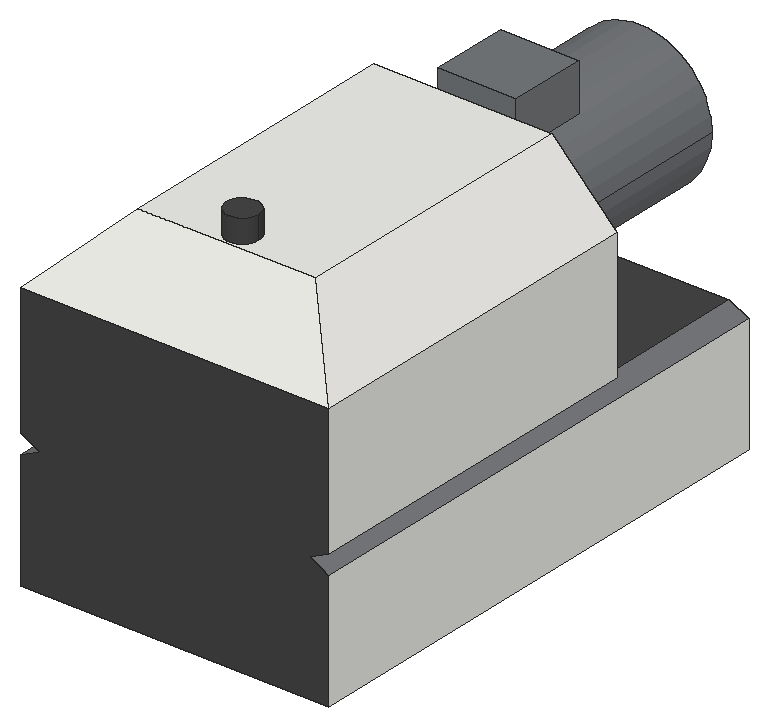
Revit family "SIRELLA SLR", category Equipement de génie climatique, Revit 2018
Family settings
  Cote de connecteur circulaire = Utiliser le diamètre
  Classification = Aucun
  Type d'élément = Normal
  Basée sur le plan de construction = Non
  Toujours verticalement = Oui
  Couper avec des vides une fois chargée = Non
  Partagée = Non
  Point de calcul de pièce = Non
Parameters (values of type "SL300.R")
  ZONE_MAINTENANCE [instance] = no
  TENSION_ALIM = 400 V
  SORTIE_CABLE_ELECT = -59.95 mm
  PUISS_ELECT = 5.5 kW
  POIDS(Kg) = 300 mm
  POIDS = 300 mm
  OFFSET_MAINTENANCE = 200 mm
  NIVEAU_SONORE = 70
  NEUTRE = no
  NBR_POLES = 3
  Model = ""
  Lien espace client = ""
  LONGUEUR = 890.2 mm
  LARGEUR = 472.4 mm
  HAUT_RAINURE = 30 mm
  LONG_OFFSET_FIX = 67.2 mm
  HAUT_OFFSET_REFOUL = 64 mm
  LONG_OFFSET_BOITE = 191.5 mm
  RAY_MOT = DIAM_MOT / 2  # 110 mm
  HAUT_MAINTENANCE = 300 mm
  HAUT_BOITE = 165.8 mm
  HAUTEUR = 568.1 mm
  LONG_OFFSET_BRIDE_ASPI = 130.1 mm
  LARG_OFFSET_REFOUL = 417.8 mm
  HAUT_OFFSET_CABLE_ELECT = 35.8 mm
  LONG_OFFSET_CABLE_ELECT = 79.9 mm
  LONG_REFOUL = 26.2 mm
  RAY_CABLE_ELECT = 5 mm
  PUISSANCE_APPARENTE = PUISS_ELECT / (COS_PHI * 1)  # 6111.11 VA
  LONG_MOT = 339 mm
  LONG_ENTRAXE_FIX = 670 mm
  LARG_OFFSET_FIX = 86.2 mm
  LARG_CHANFREIN = 100 mm
  LONG_CORPS = 802.4 mm
  LARG_ENTRAXE_FIX = 300 mm
  LARG_BOITE = 119.9 mm
  HAUT_FIX = 24.4 mm
  HAUT_SILENCIEUX = 194.7 mm
  HAUT_BRIDE = 35.1 mm
  RAY_FIX = 25 mm
  RAY_BRIDE = 25 mm
  Manufacturer = ""
  Description = ""
  DIAM_REFOUL_VIDE = 2 * RAY_BRIDE  # 50 mm
  DIAM_MOT = 220 mm
  LONG_BOITE = 119.9 mm
  DIAM_ASPI_VIDE = 2 * RAY_BRIDE  # 50 mm
  DESCR_REFOUL = "Refoulement vide ; 260 m3/h ; G 2\" FEM"
  DESCR_ASPI = "Aspiration vide ; 260 m3/h ; G 2\" FEM"
  DESCR_ALIM_X = "Puissance electrique, 4G2.5mm²"
  DEBIT_REFOUL_VIDE = 300.0 m³/h
  DEBIT_ASPI_VIDE = 300.0 m³/h
  Assembly Code = ""
  COS_PHI = 0.9
  BRANCHEMENT_TERRE = yes
  ANGLE_CHANFREIN = 45.00°
Types (4, lengths in mm): name | SORTIE_CABLE_ELECT | PUISS_ELECT | POIDS(Kg) | POIDS | NIVEAU_SONORE | Model | Lien espace client | LONGUEUR | LARGEUR | HAUT_RAINURE | LONG_OFFSET_FIX | HAUT_OFFSET_REFOUL | LONG_OFFSET_BOITE | RAY_MOT | HAUT_BOITE | HAUTEUR | LONG_OFFSET_BRIDE_ASPI | LARG_OFFSET_REFOUL | HAUT_OFFSET_CABLE_ELECT | LONG_OFFSET_CABLE_ELECT | LONG_REFOUL | RAY_CABLE_ELECT | PUISSANCE_APPARENTE | LONG_MOT | LONG_ENTRAXE_FIX | LARG_OFFSET_FIX | LARG_CHANFREIN | LONG_CORPS | LARG_BOITE | HAUT_FIX | HAUT_SILENCIEUX | HAUT_BRIDE | RAY_BRIDE | Manufacturer | Description | DIAM_REFOUL_VIDE | DIAM_MOT | LONG_BOITE | DIAM_ASPI_VIDE | DESCR_REFOUL | DESCR_ASPI | DEBIT_REFOUL_VIDE | DEBIT_ASPI_VIDE | Assembly Code
  (no name) | -59.95 | 5.5 kW | 300 | 300 | 70 | "" | "" | 890.2 | 472.4 | 30 | 67.2 | 64 | 191.5 | 110 | 165.8 | 568.1 | 130.1 | 417.8 | 35.8 | 79.9 | 26.2 | 5 | 6111.11 VA | 339 | 670 | 86.2 | 100 | 802.4 | 119.9 | 24.4 | 194.7 | 35.1 | 25 | "" | "" | 50 | 220 | 119.9 | 50 | "Refoulement vide ; 260 m3/h ; G 2\" FEM" | "Aspiration vide ; 260 m3/h ; G 2\" FEM" | 300.0 m³/h | 300.0 m³/h | ""
  SL300.R | -59.95 | 5.5 kW | 300 | 300 | 70 | "" | "" | 890.2 | 472.4 | 30 | 67.2 | 64 | 191.5 | 110 | 165.8 | 568.1 | 130.1 | 417.8 | 35.8 | 79.9 | 26.2 | 5 | 6111.11 VA | 339 | 670 | 86.2 | 100 | 802.4 | 119.9 | 24.4 | 194.7 | 35.1 | 25 | "" | "" | 50 | 220 | 119.9 | 50 | "Refoulement vide ; 260 m3/h ; G 2\" FEM" | "Aspiration vide ; 260 m3/h ; G 2\" FEM" | 300.0 m³/h | 300.0 m³/h | ""
  SL150.R | -74.265 | 3 kW | 180 | 180 | 69 | "" | "" | 774 | 430 | 20 | 65 | 49 | 177.8 | 95.25 | 142 | 505 | 133.5 | 370 | 32 | 58.9 | 13.7 | 1.25 | 3333.33 VA | 291 | 600 | 65 | 80 | 730 | 104.4 | 15.2 | 168.3 | 37.6 | 20 | "" | "" | 40 | 190.5 | 87 | 40 | "Refoulement vide ; 140 m3/h ; G 1_1/2\" FEM" | "Aspiration vide ; 140 m3/h ; G 1_1/2\" FEM" | 150.0 m³/h | 150.0 m³/h | ""
  SL100.R | -74.265 | 2.2 kW | 170 | 170 | 69 | "SIRELLA SL100.R" | "https://www.mils.fr/en/customers-area/" | 780 | 430 | 20 | 65 | 49 | 164.8 | 86 | 136.9 | 504.6 | 134 | 370 | 33.7 | 58.9 | 13.7 | 5 | 2444.44 VA | 297 | 600 | 65 | 80 | 730 | 103 | 15.2 | 168.3 | 36.6 | 20 | "MIL'S" | "VACUUM PUMP 100m3/h" | 40 | 172 | 87 | 40 | "Refoulement vide ; 90 m3/h ; G 1_1/2\" FEM" | "Aspiration vide ; 90 m3/h ; G 1_1/2\" FEM" | 150.0 m³/h | 150.0 m³/h | "824410"
Reference planes
  plane 1 "Centre (avant/arrière)": y = 0
  plane 2: z = 0
  plane 3 "Centre (gauche/droite)": x = 0
  plane 4 "CORPS_AV": y = -802.4
  plane 5 "CORPS_HAUT": z = 508.6
  plane 6 "MOT_AV": y = -251.2
  plane 7 "HAUT_CAISSON": z = 194.7
  plane 8 "CORPS_GAUCHE": x = -236.2
  plane 9 "CORPS_DROITE": x = 236.2
  plane 10 "HAUT_CHANF": z = 408.6
  plane 11 "CHANF_AV": y = -702.4
  plane 12 "FIX_BAS": z = -24.4
  plane 13 "CHANF_GAUCHE": x = -136.2
  plane 14 "CHANF_DROITE": x = 136.2
  plane 15: z = 408.6
  plane 16 "HAUT_MOT": z = 351.65
  plane 17 "FIX_DROITE": x = 150
  plane 18 "FIX_GAUCHE": x = -150
  plane 19 "FIX_AV": y = -737.2
  plane 20 "POS_FIX_AR": y = -67.2
  plane 21 "POS_BOSS_1": y = -672.3
  plane 22 "HAUT_BOSS_1": z = 543.7
  plane 23 "POS_BOSS_2": z = 39.6
  plane 24 "BOSS_GAUCHE": x = -181.6
  plane 25 "LONG_REFOUL": y = -26.2
  plane 26 "BOIT_AR": y = -103.7
  plane 27 "BOIT_AV": y = -223.6
  plane 28 "BOIT_DROITE": x = 59.95
  plane 29 "BOIT_GAUCHE": x = -59.95
  plane 30 "ELECT_AV": y = -183.6
  plane 31 "ELECT_HAUT": z = 472.8
  plane 32 "MOT_AR": y = 87.8
  plane 33 "BOIT_HAUT": z = 517.45
  plane 34 "MAINT_AV": y = -1002.4
  plane 35 "MAINT_AR": y = 287.8
  plane 36 "MAINT_HAUT": z = 843.7
  plane 37: x = -436.2
  plane 38: x = 436.2
Forms (mm)
  Extrusion 1, solid, detail levels fine
    sketch origin (0, 0, 0) x (0, 1, 0) y (0, 0, 1)
      loop
        line (-802.4, 408.6) -> (-802.4, 0) -> (0, 0) -> (0, 194.7) -> (-251.2, 194.7) -> (-251.2, 508.6) -> (-702.4, 508.6) -> (-802.4, 408.6)
    from -236.2 to 236.2
  Extrusion 2, void
    sketch origin (0, 0, 0) x (1, 0, 0) y (0, 0, 1)
      loop
        line (136.2, 508.6) -> (236.2, 408.6) -> (236.2, 508.6) -> (136.2, 508.6)
      loop
        line (-136.2, 508.6) -> (-236.2, 508.6) -> (-236.2, 408.6) -> (-136.2, 508.6)
    from 251.2 to 802.4
  Extrusion 3, solid, detail levels fine
    sketch origin (0, 0, 0) x (1, 0, 0) y (0, 0, 1)
      loop
        circle (0, 351.65) r 110
    from -87.8 to 251.2
  Extrusion 4, void
    sketch origin (0, 0, 0) x (1, 0, 0) y (0, 0, 1)
      loop
        line (236.2, 209.7) -> (206.2, 194.7) -> (236.2, 179.7) -> (236.2, 209.7)
      loop
        line (-236.2, 209.7) -> (-236.2, 179.7) -> (-206.2, 194.7) -> (-236.2, 209.7)
    from 0 to 802.4
  Extrusion 5, solid, detail levels fine
    sketch origin (0, 0, 0) x (1, 0, 0) y (0, 1, 0)
      loop
        circle (-150, -67.2) r 25
      loop
        circle (150, -67.2) r 25
      loop
        circle (150, -737.2) r 25
      loop
        circle (-150, -737.2) r 25
    from 0 to -24.4
  Extrusion 6, solid
    sketch origin (0, 0, 0) x (1, 0, 0) y (0, 1, 0)
      loop
        circle (0, -672.3) r 25
    from 508.6 to 543.7
  Extrusion 7, void
    sketch origin (0, 0, 0) x (1, 0, 0) y (0, 0, 1)
      loop
        circle (-181.6, 39.6) r 25
    from -87.8 to 26.2
  Extrusion 8, solid, detail levels fine
    sketch origin (0, 0, 0) x (1, 0, 0) y (0, 1, 0)
      loop
        line (-59.95, -103.7) -> (-59.95, -223.6) -> (59.95, -223.6) -> (59.95, -103.7) -> (-59.95, -103.7)
    from 351.65 to 517.45
  Extrusion 9, void
    sketch origin (0, 0, 0) x (0, 1, 0) y (0, 0, 1)
      loop
        circle (-183.6, 472.8) r 5
    from 0 to -59.95 <- "SORTIE_CABLE_ELECT"
  Extrusion 10, solid, visible <- "ZONE_MAINTENANCE"
    sketch origin (0, 0, 0) x (0, 1, 0) y (0, 0, 1)
      loop
        line (-1002.4, 843.7) -> (-1002.4, -24.4) -> (287.8, -24.4) -> (287.8, 843.7) -> (-1002.4, 843.7)
    from -436.2 to 436.2
  Extrusion 11, solid, detail levels coarse+medium
    sketch origin (0, 0, 0) x (0, 1, 0) y (0, 0, 1)
      loop
        line (-802.4, -24.4) -> (87.8, -24.4) -> (87.8, 508.6) -> (-802.4, 508.6) -> (-802.4, -24.4)
    from -236.2 to 236.2
  Extrusion 12, void
    sketch origin (0, 0, 0) x (1, 0, 0) y (0, 0, 1)
      loop
        circle (-181.6, 39.6) r 25
    from -87.8 to 26.2
Cuts and joins
  Extrusion 2, Extrusion 4, Extrusion 7, Extrusion 12 cuts Extrusion 1
  Extrusion 9 cuts Extrusion 8
  joined: Extrusion 3, Extrusion 8
  Extrusion 12 cuts Extrusion 10
  Extrusion 12 cuts Extrusion 11
Lines and regions (mm)
  Split face 1
    outline origin (236.2, -802.4, 0) x (0, 1, 0) y (0, 0, 1)
      loop
        line (0, 212.2) -> (551.2, 212.2)
  Split face 2
    outline origin (236.2, -802.4, 408.6) x (-1, 0, 0) y (0, 0, -1)
      loop
        line (442.4, 213.9) -> (30, 213.9)
  Split face 3
    outline origin (-236.2, -802.4, 0) x (0, -1, 0) y (0, 0, 1)
      loop
        line (-551.2, 212.2) -> (0, 212.2)
Dimensions and locks
  "HAUTEUR": plane 22 "HAUT_BOSS_1" to plane 12 "FIX_BAS"
  "LONGUEUR": plane 4 "CORPS_AV" to plane 32 "MOT_AR"
  "HAUT_SILENCIEUX": plane 7 "HAUT_CAISSON" to level
  equal spacing: plane 9 "CORPS_DROITE", plane 3 "Centre (gauche/droite)", plane 8 "CORPS_GAUCHE"
  "LARGEUR": plane 9 "CORPS_DROITE" to plane 8 "CORPS_GAUCHE"
  "LARG_CHANFREIN": plane 5 "CORPS_HAUT" to plane 10 "HAUT_CHANF"
  "LARG_CHANFREIN": plane 4 "CORPS_AV" to plane 11 "CHANF_AV"
  equal spacing: plane 14 "CHANF_DROITE", plane 3 "Centre (gauche/droite)", plane 13 "CHANF_GAUCHE"
  "LARG_CHANFREIN": plane 9 "CORPS_DROITE" to plane 14 "CHANF_DROITE"
  "LARG_CHANFREIN": plane 5 "CORPS_HAUT" to plane 15
  equal spacing: plane 7 "HAUT_CAISSON", plane 16 "HAUT_MOT", plane 5 "CORPS_HAUT"
  equal spacing: Extrusion 4 sketch curve, plane 7 "HAUT_CAISSON", Extrusion 4 sketch curve  (x2)
  "HAUT_RAINURE": Extrusion 4 sketch curve to Extrusion 4 sketch curve  (x2)
  "HAUT_RAINURE": plane 9 "CORPS_DROITE" to Extrusion 4 sketch curve
  "HAUT_RAINURE": cut or joined group of Extrusion 1, Extrusion 2, Extrusion 4, Extrusion 7, Extrusion 12 to Extrusion 4 sketch curve
  "LONG_OFFSET_FIX": plane 1 "Centre (avant/arrière)" to plane 20 "POS_FIX_AR"
  "LARG_OFFSET_FIX": plane 17 "FIX_DROITE" to plane 9 "CORPS_DROITE"
  "HAUT_FIX": level to plane 12 "FIX_BAS"
  "HAUT_BRIDE": plane 22 "HAUT_BOSS_1" to plane 5 "CORPS_HAUT"
  "LARG_OFFSET_REFOUL": plane 24 "BOSS_GAUCHE" to plane 9 "CORPS_DROITE"
  "HAUT_OFFSET_REFOUL": plane 12 "FIX_BAS" to plane 23 "POS_BOSS_2"
  "LONG_REFOUL": plane 25 "LONG_REFOUL" to plane 1 "Centre (avant/arrière)"
  equal spacing: plane 29 "BOIT_GAUCHE", plane 3 "Centre (gauche/droite)", plane 28 "BOIT_DROITE"
  "LONG_BOITE": plane 26 "BOIT_AR" to plane 27 "BOIT_AV"
  "LONG_OFFSET_BOITE": plane 26 "BOIT_AR" to plane 32 "MOT_AR"
  "LONG_OFFSET_CABLE_ELECT": plane 26 "BOIT_AR" to plane 30 "ELECT_AV"
  "HAUT_OFFSET_CABLE_ELECT": plane 5 "CORPS_HAUT" to plane 31 "ELECT_HAUT"
  "LONG_OFFSET_BRIDE_ASPI": plane 4 "CORPS_AV" to plane 21 "POS_BOSS_1"
  "LONG_MOT": plane 6 "MOT_AV" to plane 32 "MOT_AR"
  plane 26 "BOIT_AR" to plane 27 "BOIT_AV" = 119.9 mm
  "LARG_BOITE": plane 29 "BOIT_GAUCHE" to plane 28 "BOIT_DROITE"
  "LONG_ENTRAXE_FIX": plane 20 "POS_FIX_AR" to plane 19 "FIX_AV"
  "LARG_ENTRAXE_FIX": plane 18 "FIX_GAUCHE" to plane 17 "FIX_DROITE"
  "HAUT_BOITE": plane 33 "BOIT_HAUT" to plane 16 "HAUT_MOT"
  "OFFSET_MAINTENANCE": plane 37 to plane 8 "CORPS_GAUCHE"
  "OFFSET_MAINTENANCE": plane 9 "CORPS_DROITE" to plane 38
  "OFFSET_MAINTENANCE": plane 32 "MOT_AR" to plane 35 "MAINT_AR"
  "OFFSET_MAINTENANCE": plane 34 "MAINT_AV" to plane 4 "CORPS_AV"
  "HAUT_MAINTENANCE": plane 36 "MAINT_HAUT" to plane 22 "HAUT_BOSS_1"
  "LONG_CORPS": plane 4 "CORPS_AV" to plane 1 "Centre (avant/arrière)"
  "RAY_MOT": radius of Extrusion 3 sketch curve
  "RAY_FIX": radius of Extrusion 5 sketch curve  (x4)
  "RAY_BRIDE": radius of Extrusion 6 sketch curve
  "RAY_BRIDE": radius of Extrusion 7 sketch curve
  "RAY_CABLE_ELECT": radius of Extrusion 9 sketch curve
  "RAY_BRIDE": radius of Extrusion 12 sketch curve
  aligned and locked: level to plane 2
  aligned and locked: plane 4 "CORPS_AV" to Extrusion 1
  aligned and locked: Extrusion 1 to level
  aligned and locked: Extrusion 1 to plane 1 "Centre (avant/arrière)"
  aligned and locked: plane 7 "HAUT_CAISSON" to Extrusion 1
  aligned and locked: plane 6 "MOT_AV" to Extrusion 1
  aligned and locked: plane 9 "CORPS_DROITE" to Extrusion 1
  aligned and locked: Extrusion 1 to plane 8 "CORPS_GAUCHE"
  aligned and locked: plane 4 "CORPS_AV" to Extrusion 1 sketch curve
  aligned and locked: plane 5 "CORPS_HAUT" to Extrusion 1 sketch curve
  aligned and locked: plane 4 "CORPS_AV" to Extrusion 2
  aligned and locked: plane 6 "MOT_AV" to Extrusion 2
  aligned and locked: plane 16 "HAUT_MOT" to Extrusion 3 sketch curve
  aligned and locked: plane 3 "Centre (gauche/droite)" to Extrusion 3 sketch curve
  aligned and locked: Extrusion 3 to plane 6 "MOT_AV"
  aligned and locked: plane 8 "CORPS_GAUCHE" to Extrusion 4 sketch curve
  aligned and locked: plane 9 "CORPS_DROITE" to Extrusion 4 sketch curve
  aligned and locked: plane 4 "CORPS_AV" to Extrusion 4
  aligned and locked: Extrusion 4 to plane 1 "Centre (avant/arrière)"
  aligned and locked: plane 20 "POS_FIX_AR" to Extrusion 5 sketch curve  (x2)
  aligned and locked: plane 18 "FIX_GAUCHE" to Extrusion 5 sketch curve  (x2)
  aligned and locked: plane 17 "FIX_DROITE" to Extrusion 5 sketch curve  (x2)
  aligned and locked: plane 19 "FIX_AV" to Extrusion 5 sketch curve  (x2)
  aligned and locked: level to Extrusion 5
  aligned and locked: Extrusion 5 to plane 12 "FIX_BAS"
  aligned and locked: plane 21 "POS_BOSS_1" to Extrusion 6 sketch curve
  aligned and locked: plane 3 "Centre (gauche/droite)" to Extrusion 6 sketch curve
  aligned and locked: plane 5 "CORPS_HAUT" to Extrusion 6
  aligned and locked: plane 22 "HAUT_BOSS_1" to Extrusion 6
  aligned and locked: plane 24 "BOSS_GAUCHE" to Extrusion 7 sketch curve
  aligned and locked: plane 23 "POS_BOSS_2" to Extrusion 7 sketch curve
  aligned and locked: Extrusion 7 to plane 25 "LONG_REFOUL"
  aligned and locked: Extrusion 8 sketch curve to plane 26 "BOIT_AR"
  aligned and locked: plane 29 "BOIT_GAUCHE" to Extrusion 8 sketch curve
  aligned and locked: Extrusion 8 sketch curve to plane 28 "BOIT_DROITE"
  aligned and locked: plane 27 "BOIT_AV" to Extrusion 8 sketch curve
  aligned and locked: Extrusion 8 to plane 16 "HAUT_MOT"
  aligned and locked: plane 31 "ELECT_HAUT" to Extrusion 9 sketch curve
  aligned and locked: plane 30 "ELECT_AV" to Extrusion 9 sketch curve
  aligned and locked: plane 3 "Centre (gauche/droite)" to Extrusion 9
  aligned and locked: plane 32 "MOT_AR" to Extrusion 3
  aligned and locked: Extrusion 8 to plane 33 "BOIT_HAUT"
  aligned and locked: Extrusion 10 sketch curve to plane 35 "MAINT_AR"
  aligned and locked: plane 12 "FIX_BAS" to Extrusion 10 sketch curve
  aligned and locked: plane 34 "MAINT_AV" to Extrusion 10 sketch curve
  aligned and locked: Extrusion 10 sketch curve to plane 36 "MAINT_HAUT"
  aligned and locked: Extrusion 10 to plane 38
  aligned and locked: plane 37 to Extrusion 10
  aligned and locked: plane 9 "CORPS_DROITE" to Extrusion 11
  aligned and locked: Extrusion 11 to plane 8 "CORPS_GAUCHE"
  aligned and locked: Extrusion 11 sketch curve to plane 5 "CORPS_HAUT"
  aligned and locked: Extrusion 11 sketch curve to plane 4 "CORPS_AV"
  aligned and locked: plane 12 "FIX_BAS" to Extrusion 11 sketch curve
  aligned and locked: Extrusion 11 sketch curve to plane 32 "MOT_AR"
  aligned and locked: Extrusion 7 to cut or joined group of Extrusion 3, Extrusion 8, Extrusion 9
  aligned and locked: Extrusion 12 to Extrusion 7  (x2)
  aligned and locked: Extrusion 9 to plane 29 "BOIT_GAUCHE"
Automatic sketch dimensions
  Extrusion 1 sketch curve to plane 11 "CHANF_AV" = 0 mm
  Extrusion 1 sketch curve to plane 6 "MOT_AV" = 0 mm
  Extrusion 1 sketch curve to plane 1 "Centre (avant/arrière)" = 0 mm
  Extrusion 1 sketch curve to level = 0 mm
  Extrusion 1 sketch curve to plane 7 "HAUT_CAISSON" = 0 mm
  Extrusion 1 sketch curve to plane 10 "HAUT_CHANF" = 0 mm
  Extrusion 2 sketch curve to plane 5 "CORPS_HAUT" = 0 mm  (x2)
  Extrusion 2 sketch curve to plane 8 "CORPS_GAUCHE" = 0 mm
  Extrusion 2 sketch curve to plane 13 "CHANF_GAUCHE" = 0 mm
  Extrusion 2 sketch curve to plane 14 "CHANF_DROITE" = 0 mm
  Extrusion 2 sketch curve to plane 9 "CORPS_DROITE" = 0 mm
  Extrusion 2 sketch curve to plane 10 "HAUT_CHANF" = 0 mm  (x2)
  Split face 1 sketch curve to cut or joined group of Extrusion 1, Extrusion 2, Extrusion 4, Extrusion 7, Extrusion 12 = 0 mm  (x2)
  Split face 1 sketch curve to cut or joined group of Extrusion 1, Extrusion 2, Extrusion 4, Extrusion 7, Extrusion 12 = 2.5 mm
  Split face 2 sketch curve to cut or joined group of Extrusion 1, Extrusion 2, Extrusion 4, Extrusion 7, Extrusion 12 = 0 mm  (x2)
  cut or joined group of Extrusion 1, Extrusion 2, Extrusion 4, Extrusion 7, Extrusion 12 to Split face 2 sketch curve = 0 mm
  Split face 3 sketch curve to cut or joined group of Extrusion 1, Extrusion 2, Extrusion 4, Extrusion 7, Extrusion 12 = 0 mm  (x2)
  Split face 3 sketch curve to cut or joined group of Extrusion 1, Extrusion 2, Extrusion 4, Extrusion 7, Extrusion 12 = 2.5 mm
  Extrusion 4 sketch curve to plane 7 "HAUT_CAISSON" = 0 mm  (x2)
  Extrusion 12 sketch curve to plane 23 "POS_BOSS_2" = 0 mm
  plane 24 "BOSS_GAUCHE" to Extrusion 12 sketch curve = 0 mm
Connectors
  piping at (0, -672.3, 543.7), diameter 50, driven by "DIAM_ASPI_VIDE", driven by "DEBIT_ASPI_VIDE", driven by "DESCR_ASPI"
    settings: on Extrusion 6, index 1, connector inside diameter 609.6 mm, connector length 0 mm, flow factor 0, pipe flow 300.0 m³/h, pressure drop 0.0 Pa, fitting loss kfactor 0, connector angle 0.00°, fixture units 0, engagement length 0 mm, angle of deflection 0.00°, flow configuration 0, flow direction 1, fitting loss method 0, system type 22, joint type 0, gender type 0, connector reference index -1, connector utility 1, adjustable connector no, is connector primary yes, connector description "Aspiration vide ; 260 m3/h ; G 2\" FEM"
  piping at (-181.6, -26.2, 39.6), diameter 50, driven by "DIAM_ASPI_VIDE", driven by "DEBIT_REFOUL_VIDE", driven by "DESCR_REFOUL"
    settings: on cut or joined group of Extrusion 1, Extrusion 2, Extrusion 4, Extrusion 7, Extrusion 12, index 2, connector inside diameter 609.6 mm, connector length 0 mm, flow factor 0, pipe flow 300.0 m³/h, pressure drop 0.0 Pa, fitting loss kfactor 0, connector angle 0.00°, fixture units 0, engagement length 0 mm, angle of deflection 0.00°, flow configuration 0, flow direction 2, fitting loss method 0, system type 22, joint type 0, gender type 0, connector reference index -1, connector utility 1, adjustable connector no, is connector primary no, connector description "Refoulement vide ; 260 m3/h ; G 2\" FEM"
  electrical at (0, -183.6, 472.8), driven by "NBR_POLES", driven by "TENSION_ALIM", driven by "PUISSANCE_APPARENTE", driven by "DESCR_ALIM_X"
    settings: on cut or joined group of Extrusion 3, Extrusion 8, Extrusion 9, index 3, voltage 400 V, apparent load 6111.11 VA, apparent load phase1 0 VA, apparent load phase2 0 VA, apparent load phase3 0 VA, power factor 1, load classification "Moteur", number of poles 3, system type 30, power factor state 1, is connector primary yes, connector utility yes, sub classification motor no, connector description "Puissance electrique, 4G2.5mm²"
